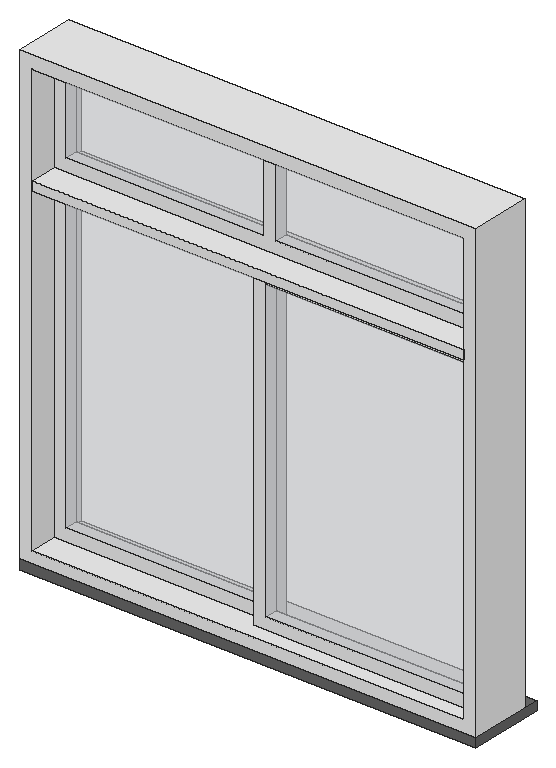
Revit family "Janela 2 folhas com basculante", category Windows, host Wall, Revit 2016
Family settings
  Host = Wall
  OmniClass Number = 23.30.20.00
  OmniClass Title = Windows
  Always vertical = Yes
  Cut with Voids When Loaded = No
  Shared = No
  Room Calculation Point = No
Parameters (values of type "150 x 150 cm")
  Vidro = vidro Verde
  Espessura da folha = 4 cm
  Peiroril = Pedra Granito escuro
  Projeção Peitoril = 5 cm
  Height = 150 cm
  Offset Marco da folha = 4 cm
  Esquadria = Alumínio escovado
  Inserção das folhas = 5 cm
  Cost = 750
  Analytic Construction = "<None>"
  Altura-padrão do peitoril = 80 cm
  Wall Closure = By host
  Width = 150 cm
  Espessura do alisar = 4 cm
  Altura do Basculante = 40 cm
Reference planes (cm)
  plane 1 "Centro (Frente/Trás)": y = 0
  plane 2 "Centro (Esquerda/Direita)": x = 0
  plane 3 "Esquerda": x = -75
  plane 4 "Direita": x = 75
  plane 5 "Peitoril": z = 80
  plane 6 "Extremidade superior": z = 230
  plane 7 "Exterior": y = 10
  plane 8 "Interior": y = -10
  plane 9: z = 190
Forms (cm)
  Sweep 1, solid, material "Alumínio escovado" <- "Esquadria"
    path in 3D
      loop
        line (75, -10, 230) -> (75, -10, 80) -> (-75, -10, 80) -> (-75, -10, 230) -> (75, -10, 230)
    profile origin (0, -10, 230) x (0, -1, 0) y (0, 0, -1)
      loop
        line (0, 0) -> (0, 4) -> (-20, 4) -> (-20, 0) -> (0, 0)
  Extrusion 2, solid, material "Alumínio escovado" <- "Esquadria"
    sketch origin (0, 10, 0) x (1, 0, 0) y (0, 0, 1)
      loop
        line (71, 190) -> (71, 193) -> (-71, 193) -> (-71, 190) -> (71, 190)
    from 0 to 20
  Extrusion 3, solid, material "Alumínio escovado" <- "Esquadria"
    sketch origin (0, 10, 0) x (1, 0, 0) y (0, 0, 1)
      loop
        line (2, 84) -> (2, 190) -> (-71, 190) -> (-71, 84) -> (2, 84)
      loop
        line (-2, 186) -> (-67, 186) -> (-67, 88) -> (-2, 88) -> (-2, 186)
    from 7 to 11
  Extrusion 4, solid, material "Alumínio escovado" <- "Esquadria"
    sketch origin (0.5, 10, 0) x (1, 0, 0) y (0, 0, 1)
      loop
        line (70.5, 84) -> (70.5, 190) -> (-2.5, 190) -> (-2.5, 84) -> (70.5, 84)
      loop
        line (66.5, 88) -> (66.5, 186) -> (1.5, 186) -> (1.5, 88) -> (66.5, 88)
    from 11 to 15
  Extrusion 5, solid, material "Alumínio escovado" <- "Esquadria"
    sketch origin (0, 10, 0) x (1, 0, 0) y (0, 0, 1)
      loop
        line (71, 193) -> (71, 226) -> (-71, 226) -> (-71, 193) -> (71, 193)
      loop
        line (67, 197) -> (67, 222) -> (2, 222) -> (2, 197) -> (67, 197)
      loop
        line (-2, 197) -> (-2, 222) -> (-67, 222) -> (-67, 197) -> (-2, 197)
    from 7 to 11
  Extrusion 6, solid, material "vidro Verde" <- "Vidro"
    sketch origin (0, 10, 0) x (1, 0, 0) y (0, 0, 1)
      loop
        line (-2, 197) -> (-2, 222) -> (-67, 222) -> (-67, 197) -> (-2, 197)
    from 7 to 11
  Extrusion 7, solid, material "vidro Verde" <- "Vidro"
    sketch origin (0, 10, 0) x (1, 0, 0) y (0, 0, 1)
      loop
        line (2, 186) -> (2, 88) -> (67, 88) -> (67, 186) -> (2, 186)
    from 11 to 15
  Extrusion 8, solid, material "vidro Verde" <- "Vidro"
    sketch origin (0, 10, 0) x (1, 0, 0) y (0, 0, 1)
      loop
        line (-2, 186) -> (-67, 186) -> (-67, 88) -> (-2, 88) -> (-2, 186)
    from 7 to 11
  Extrusion 9, solid, material "vidro Verde" <- "Vidro"
    sketch origin (0, 10, 0) x (1, 0, 0) y (0, 0, 1)
      loop
        line (2, 222) -> (2, 197) -> (67, 197) -> (67, 222) -> (2, 222)
    from 7 to 11
  Extrusion 10, solid, material "Pedra Granito escuro" <- "Peiroril"
    sketch origin (0, 10, 0) x (1, 0, 0) y (0, 0, 1)
      loop
        line (75, 80) -> (-75, 80) -> (-75, 77) -> (75, 77) -> (75, 80)
    from -5 to 20
Lines and regions (cm)
  Opening 1
    outline origin (350, -10, 0) x (1, 0, 0) y (0, 0, 1)
      loop
        line (-275, 80) -> (-275, 230) -> (-425, 230) -> (-425, 80) -> (-275, 80)
  Opening 2
    outline origin (-500, -10, 0) x (1, 0, 0) y (0, 0, 1)
      loop
        line (575, 77) -> (575, 80) -> (425, 80) -> (425, 77) -> (575, 77)
  sketch lines
    curve 1: line (-75, -10, 230) -> (75, -10, 230)
    curve 2: line (-75, -10, 80) -> (-75, -10, 230)
    curve 3: line (75, -10, 80) -> (-75, -10, 80)
    curve 4: line (75, -10, 230) -> (75, -10, 80)
  symbolic lines
    curve 5: line (-41.8186, 10, 141.4294) -> (-21.8186, 10, 141.4294)
    curve 6: line (-21.8186, 10, 141.4294) -> (-28.8897, 10, 148.5005)
    curve 7: line (-21.8186, 10, 141.4294) -> (-28.8897, 10, 134.3584)
    curve 8: line (41.8186, 10, 141.4294) -> (21.8186, 10, 141.4294)
    curve 9: line (21.8186, 10, 141.4294) -> (28.8897, 10, 148.5005)
    curve 10: line (21.8186, 10, 141.4294) -> (28.8897, 10, 134.3584)
  symbolic lines, style "WindowsHiddenLines"
    curve 11: line (67, 10, 197) -> (2, 10, 222)
    curve 12: line (67, 10, 222) -> (2, 10, 197)
    curve 13: line (-2, 10, 222) -> (-67, 10, 197)
    curve 14: line (-67, 10, 222) -> (-2, 10, 197)
Text (cm)
  text "EXTERIOR" at (-198.1535, 86.3181, 0), in view "Nível de referência"
  text "INTERIOR" at (-201.7992, -70.7606, 0), in view "Nível de referência"
  text "Exterior" at (0, 92.3751, 294.3296), in view "Direita"
  text "Exterior" at (0, 101.9841, 278.8626), in view "Esquerda"
  text "Desenvolvido por Fernando Goes\n\ncontato: fernandogoes@outlook.com\n\ninstagram: @caradorevit" at (117.4835, 74.697, 15.1663), in view "Vista 1"
Dimensions and locks (cm)
  equal spacing: plane 3 "Esquerda", plane 2 "Centro (Esquerda/Direita)", plane 4 "Direita"
  "Width": plane 3 "Esquerda" to plane 4 "Direita"
  "Height": plane 5 "Peitoril" to plane 6 "Extremidade superior"
  "Altura-padrão do peitoril": plane 5 "Peitoril" to level
  locked: plane 7 "Exterior" to host wall
  locked: plane 8 "Interior" to host wall
  "Altura do Basculante": plane 9 to plane 6 "Extremidade superior"
  "Espessura do alisar": Sweep 1 sketch curve to Sweep 1 sketch curve
  locked: Extrusion 2 sketch curve to Extrusion 2 sketch curve at 3
  "Offset Marco da folha": Extrusion 3 sketch curve to Extrusion 2
  "Offset Marco da folha": Extrusion 3 sketch curve to Sweep 1
  "Offset Marco da folha": Extrusion 3 sketch curve to Extrusion 3 sketch curve
  "Offset Marco da folha": Sweep 1 to Extrusion 3 sketch curve
  equal spacing: Extrusion 3 sketch curve, plane 2 "Centro (Esquerda/Direita)", Extrusion 3 sketch curve
  "Offset Marco da folha": Extrusion 4 sketch curve to Extrusion 2
  "Offset Marco da folha": Sweep 1 to Extrusion 4 sketch curve  (x2)
  "Offset Marco da folha": Extrusion 3 to Extrusion 4 sketch curve
  "Espessura da folha": Extrusion 3 to Extrusion 3
  "Espessura da folha": Extrusion 4 to Extrusion 4
  "Inserção das folhas": Sweep 1 to Extrusion 4  (x2)
  "Offset Marco da folha": Sweep 1 to Extrusion 5 sketch curve  (x2)
  "Offset Marco da folha": Extrusion 5 sketch curve to Sweep 1  (x2)
  "Offset Marco da folha": Extrusion 2 to Extrusion 5 sketch curve  (x2)
  equal spacing: Extrusion 5 sketch curve, plane 2 "Centro (Esquerda/Direita)", Extrusion 5 sketch curve
  "Offset Marco da folha": Extrusion 5 sketch curve to Extrusion 5 sketch curve
  locked: Opening 2 sketch curve to Sweep 1 at 3
  "Projeção Peitoril": host wall to Extrusion 10
  aligned and locked: plane 6 "Extremidade superior" to Sweep 1 sketch curve
  aligned and locked: profile plane to Sweep 1 sketch curve
  aligned and locked: Extrusion 2 sketch curve to Sweep 1  (x2)
  aligned and locked: Sweep 1 to Extrusion 2  (x2)
  aligned and locked: Extrusion 3 sketch curve to Extrusion 2
  aligned and locked: Extrusion 3 sketch curve to Sweep 1  (x2)
  aligned and locked: Extrusion 4 sketch curve to Extrusion 3
  aligned and locked: Extrusion 4 sketch curve to Sweep 1  (x2)
  aligned and locked: Extrusion 4 sketch curve to Extrusion 2
  aligned and locked: Extrusion 4 to Extrusion 3
  aligned and locked: Sweep 1 sketch curve to host wall
  aligned and locked: Extrusion 5 sketch curve to Sweep 1  (x3)
  aligned and locked: Extrusion 5 sketch curve to Extrusion 2
  aligned and locked: Extrusion 5 to Extrusion 3  (x2)
  aligned and locked: Extrusion 6 sketch curve to Extrusion 5  (x4)
  aligned and locked: Extrusion 7 sketch curve to Extrusion 4  (x4)
  aligned and locked: Extrusion 4 to Extrusion 8 sketch curve
  aligned and locked: Extrusion 8 sketch curve to Extrusion 3  (x3)
  aligned and locked: Extrusion 9 sketch curve to Extrusion 5  (x4)
  aligned and locked: Extrusion 3 to Extrusion 8  (x2)
  aligned and locked: Extrusion 4 to Extrusion 7  (x2)
  aligned and locked: Extrusion 5 to Extrusion 9  (x2)
  aligned and locked: Extrusion 5 to Extrusion 6  (x2)
  aligned and locked: Opening 2 sketch curve to plane 5 "Peitoril"
  aligned and locked: plane 3 "Esquerda" to Opening 2 sketch curve
  aligned and locked: Opening 2 sketch curve to plane 4 "Direita"
  aligned and locked: plane 4 "Direita" to Extrusion 10 sketch curve
  aligned and locked: Extrusion 10 sketch curve to host wall
  aligned and locked: Extrusion 10 sketch curve to Sweep 1
  aligned and locked: plane 3 "Esquerda" to Extrusion 10 sketch curve
  aligned and locked: host wall to Extrusion 10
Automatic sketch dimensions
  Opening 1 sketch curve to plane 3 "Esquerda" = 0 cm
  Opening 1 sketch curve to plane 4 "Direita" = 0 cm
  Opening 1 sketch curve to plane 5 "Peitoril" = 0 cm
  Opening 1 sketch curve to plane 6 "Extremidade superior" = 0 cm
  Extrusion 2 sketch curve to plane 9 = 0 cm
  curve 7 to plane 2 "Centro (Esquerda/Direita)" = 21.8186 cm
  plane 2 "Centro (Esquerda/Direita)" to curve 9 = 21.8186 cm
  curve 6 to plane 9 = 48.5706 cm
  curve 8 to curve 5 = 0 cm
  curve 6 to curve 5 = 7.0711 cm
  curve 7 to curve 5 = 7.0711 cm  (x2)
  curve 5 to curve 7 = 12.9289 cm
  curve 14 to plane 3 "Esquerda" = 8 cm
  curve 13 to plane 3 "Esquerda" = 8 cm
  curve 13 to plane 2 "Centro (Esquerda/Direita)" = 2 cm
  curve 14 to plane 2 "Centro (Esquerda/Direita)" = 2 cm
  plane 2 "Centro (Esquerda/Direita)" to curve 11 = 2 cm
  plane 2 "Centro (Esquerda/Direita)" to curve 12 = 2 cm
  curve 8 to curve 10 = 7.0711 cm
  curve 8 to curve 9 = 7.0711 cm
  curve 10 to curve 8 = 12.9289 cm
  plane 4 "Direita" to curve 11 = 8 cm
  plane 4 "Direita" to curve 12 = 8 cm
  curve 10 to curve 8 = 7.0711 cm
  plane 9 to curve 11 = 7 cm
  plane 9 to curve 13 = 7 cm
  plane 9 to curve 12 = 7 cm
  curve 14 to curve 12 = 0 cm
  plane 6 "Extremidade superior" to curve 11 = 8 cm
  plane 6 "Extremidade superior" to curve 14 = 8 cm
  curve 13 to curve 11 = 0 cm
  plane 6 "Extremidade superior" to curve 12 = 8 cm
